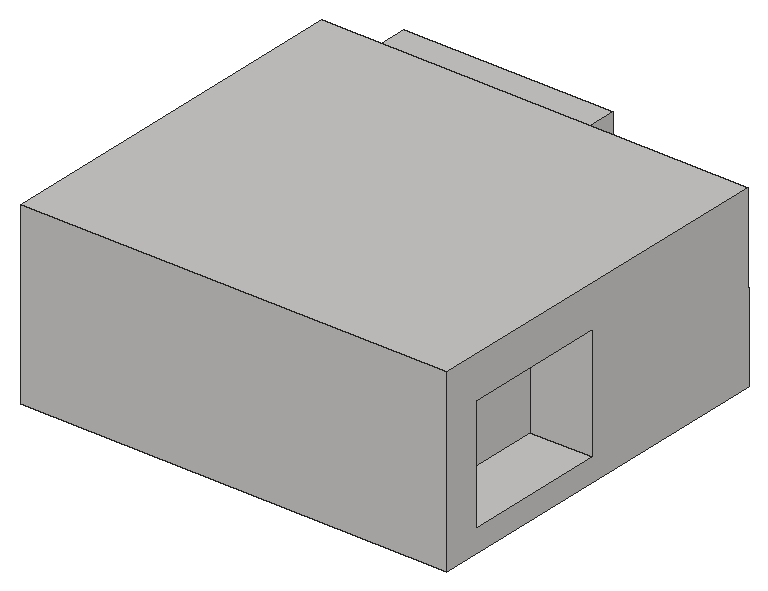
Revit family
Parameters
  Width = 3' - 0 1/8"
  Voltage = 277 V
  Unit Weight = "150.0 lbs"
  UltraLoc Liner = Choose Liner Option = 3  # no
  URL = "http://www.titus-hvac.com/"
  UL = "181"
  Supply Air Flow [instance] = 0 CFM
  SteriLoc Liner = Choose Liner Option = 2  # no
  Primary Air Pressure Drop [instance] = 0.00 in-wg
  Primary Air Flow [instance] = 0 CFM
  Plenum Air Pressure Drop [instance] = 0.00 in-wg
  Plenum Air Flow [instance] = 0 CFM
  Outlet Width = 1' - 2"
  Outlet Vertical Offset = 0' - 1 1/8"
  Outlet Horizontal Offset = 0' - 1 3/8"
  Outlet Height = 0' - 11"
  Number of Poles = 1
  Nominal Width = Width + 0' 6 1/4"  # 3' - 6 3/8"
  Nominal Length = Length + 0' 3 3/8"  # 3' - 8 1/4"
  Nominal Inlet Size = 0' - 6"
  Nominal Height = 1' - 5 1/8"
  NFPA = "90A"
  Motor Full Load Amps = 2.4 A
  Model = "DTQS"
  Min. Air Flow = 0 CFM
  Max. Air Flow = 0 CFM
  Material = Galvanized Steel
  Manufacturer = "Titus"
  Length = 3' - 4 7/8"
  Juction Box Offset = 0' - 2 7/8"
  Inlet Diameter = Nominal Inlet Size - 0' 0 1/8"  # 0' - 5 7/8"
  Induced Air Inlet Offset = 0' - 4 1/2"
  Induced Air Inlet Width = 1' - 1 1/4"
  Induced Air Inlet Height = 1' - 2 1/2"
  Induced Air Filter = no
  Heating Total Capacity [instance] = 0 Btu/h
  Half Outlet Connection Width = Outlet Width / 2  # 0' - 7"
  Half Outlet Connection Height = Outlet Height / 2  # 0' - 5 1/2"
  Half Height Start = -(Nominal Height / 2)  # -0' - 8 9/16"
  Half Height End = Nominal Height / 2  # 0' - 8 9/16"
  HP-Motor = "1/4"
  Frequency = 60 Hz
  Filter Size = "19\"x17\""
  Fiber Free Liner = Choose Liner Option = 1  # no
  Fan Disconnect Switch = no
  Duct Radius = Nominal Inlet Size / 2  # 0' - 3"
  Description = "Series Fan Powered Terminal Unit, Direct Digital Control, Pressure Independent"
  Connection Void Radius = Connection Radius - 0' 0 1/4"  # 0' - 2 11/16"
  Connection Radius = Inlet Diameter / 2  # 0' - 2 15/16"
  Choose Liner Option = 0
  CADworks URL = "www.CADworks.net"
  Assembly Code = "D3040100"
  Apparent Power = Voltage * Motor Full Load Amps  # 664.8 VA
  Air Inlet Offset = 0' - 6"
  1/2" Fiberglass Liner = Choose Liner Option = 0  # yes
Reference planes (in)
  plane 1 "Center (Front/Back)": y = 0
  plane 2: z = 0
  plane 3 "Center (Left/Right)": x = 3
  plane 4: x = -17.4375
  plane 5: x = 23.4375
  plane 6: x = -14.5625
  plane 7: x = -20.8125
  plane 8 "Center (Elevation)": z = 0
  plane 9: y = -18.0625
  plane 10: y = 18.0625
  plane 11: y = 12.0625
  plane 12: y = -13.5625
  plane 13: x = -11.4375
  plane 14: x = 17.4375
  plane 15: y = 24.3125
  plane 16: z = 8.5625
  plane 17: z = -8.5625
Forms (in)
  Extrusion 1, solid, material "Galvanized Steel" <- "Material"
    sketch origin (61, -3.76302, 78.80279) x (1, 0, 0) y (0, 1, 0)
      loop
        line (-78.4375, 21.82552) -> (-78.4375, -14.29948) -> (-37.5625, -14.29948) -> (-37.5625, 21.82552) -> (-78.4375, 21.82552)
    from -87.36529 <- "Half Height Start" to -70.24029 <- "Half Height End"
  Extrusion 2, solid, material "Galvanized Steel" <- "Material"
    sketch origin (4.0625, 0, 42) x (1, 0, 0) y (0, 1, 0)
      loop
        line (-18.625, 18.0625) -> (1.375, 18.0625) -> (1.375, 24.3125) -> (-18.625, 24.3125) -> (-18.625, 18.0625)
    from -48 to -36
  Extrusion 3, void
    sketch origin (23.4375, 18.0625, 76.42779) x (0, 1, 0) y (0, 0, -1)
      loop
        line (-18.625, 71.86529) -> (-18.625, 82.86529) -> (-32.625, 82.86529) -> (-32.625, 71.86529) -> (-18.625, 71.86529)
    from 0 to 6
  Extrusion 4, solid, material "Galvanized Steel" <- "Material"
    sketch origin (-24.875, -0.4375, 0) x (0, 0, -1) y (0, 1, 0)
      loop
        circle (0, 12.5) r 2.9375
    from 4.0625 to 7.4375
  Extrusion 5, void
    sketch origin (-24.875, 0, 0) x (0, 1, 0) y (0, 0, 1)
      loop
        circle (12.0625, 0) r 2.6875
    from 4.0625 to 13.4375
  Extrusion 6, void
    sketch origin (-17.4375, -18.0625, 78.67779) x (0, -1, 0) y (0, 0, -1)
      loop
        line (-17.75, 71.49029) -> (-4.5, 71.49029) -> (-4.5, 85.99029) -> (-17.75, 85.99029) -> (-17.75, 71.49029)
    from 0 to 6
Cuts and joins
  Extrusion 3, Extrusion 5, Extrusion 6 cuts Extrusion 1
  Extrusion 5 cuts Extrusion 4
Dimensions and locks (in)
  "Length": plane 5 to plane 4
  equal spacing: plane 5, plane 3 "Center (Left/Right)", plane 4
  locked: Extrusion 2 to plane 6 at 0
  locked: Extrusion 2 to Extrusion 2 at 20
  "Juction Box Offset": plane 6 to plane 4
  "Outlet Height": Extrusion 3 sketch curve to Extrusion 3 sketch curve
  "Outlet Width": Extrusion 3 sketch curve to Extrusion 3 sketch curve
  locked: plane 4 to plane 7 at 3.375
  "Width": plane 9 to plane 10
  equal spacing: plane 9, plane 1 "Center (Front/Back)", plane 10
  locked: Extrusion 4 sketch curve to level at 0
  locked: Extrusion 4 sketch curve to plane 11 at 0
  locked: Extrusion 5 sketch curve to level at 0
  locked: Extrusion 5 sketch curve to plane 11 at 0
  locked: Extrusion 2 to Extrusion 2 at 6.25
  "Air Inlet Offset": plane 10 to plane 11
  locked: Extrusion 2 to plane 10 at 0
  locked: cut or joined group of Extrusion 4, Extrusion 5 to plane 7 at 0
  locked: cut or joined group of Extrusion 4, Extrusion 5 to cut or joined group of Extrusion 4, Extrusion 5 at 3.375
  "Induced Air Inlet Offset": plane 9 to plane 12
  "Induced Air Inlet Width": Extrusion 6 sketch curve to Extrusion 6 sketch curve
  "Induced Air Inlet Height": Extrusion 6 sketch curve to Extrusion 6 sketch curve
  "Induced Air Inlet Offset": Extrusion 6 sketch curve to plane 9
  locked: plane 9 to Extrusion 3 sketch curve at 3.5
  cut or joined group of Extrusion 1, Extrusion 3, Extrusion 5, Extrusion 6 to Extrusion 6 sketch curve = 0' - 1 3/8"
  cut or joined group of Extrusion 1, Extrusion 3, Extrusion 5, Extrusion 6 to Extrusion 3 sketch curve = 0' - 2 1/8"
  locked: Extrusion 2 to Extrusion 2 at 12
  equal spacing: Extrusion 2, level, Extrusion 2
  locked: cut or joined group of Extrusion 1, Extrusion 3, Extrusion 5, Extrusion 6 to cut or joined group of Extrusion 1, Extrusion 3, Extrusion 5, Extrusion 6 at 17.125
  equal spacing: cut or joined group of Extrusion 1, Extrusion 3, Extrusion 5, Extrusion 6, level, cut or joined group of Extrusion 1, Extrusion 3, Extrusion 5, Extrusion 6
  locked: plane 4 to plane 13 at 6
  locked: plane 14 to plane 5 at 6
  "Connection Radius": radius of Extrusion 4 sketch curve
  "Connection Void Radius": radius of Extrusion 5 sketch curve
  aligned and locked: cut or joined group of Extrusion 1, Extrusion 3, Extrusion 5, Extrusion 6 to plane 10
  aligned and locked: plane 9 to cut or joined group of Extrusion 1, Extrusion 3, Extrusion 5, Extrusion 6
  aligned and locked: plane 5 to cut or joined group of Extrusion 1, Extrusion 3, Extrusion 5, Extrusion 6
  aligned and locked: cut or joined group of Extrusion 1, Extrusion 3, Extrusion 5, Extrusion 6 to plane 4
  aligned and locked: Extrusion 3 to plane 14
  aligned and locked: plane 13 to Extrusion 6
  aligned and locked: Extrusion 6 to Extrusion 5
Automatic sketch dimensions
  plane 4 to Extrusion 1 sketch curve = 0' - 0"
  plane 5 to Extrusion 1 sketch curve = 0' - 0"
  plane 9 to Extrusion 1 sketch curve = 0' - 0"
  plane 10 to Extrusion 1 sketch curve = 0' - 0"
  Extrusion 2 sketch curve to plane 6 = 0' - 0"
  Extrusion 2 sketch curve to plane 10 = 0' - 0"
  plane 3 "Center (Left/Right)" to Extrusion 2 sketch curve = 0' - 2 7/16"
  Extrusion 2 sketch curve to plane 10 = 0' - 6 1/4"
Connectors (in)
  electrical at (-4.5625, 24.3125, 0), driven by "Apparent Power", driven by "Voltage", driven by "Number of Poles"
    settings: on Extrusion 2, index 8
  hvac at (-20.8125, 12.0625, 0), driven by "Primary Air Flow", driven by "Duct Radius", driven by "Primary Air Pressure Drop"
    settings: on cut or joined group of Extrusion 4, Extrusion 5, index 9
  hvac at (-17.4375, -6.9375, -0.0625), driven by "Induced Air Inlet Width", driven by "Induced Air Inlet Height", driven by "Plenum Air Pressure Drop", driven by "Plenum Air Flow"
    settings: on cut or joined group of Extrusion 1, Extrusion 3, Extrusion 5, Extrusion 6, index 14
  hvac at (23.4375, -7.5625, -0.9375), driven by "Supply Air Flow", driven by "Outlet Width", driven by "Outlet Height"
    settings: on cut or joined group of Extrusion 1, Extrusion 3, Extrusion 5, Extrusion 6, index 15
